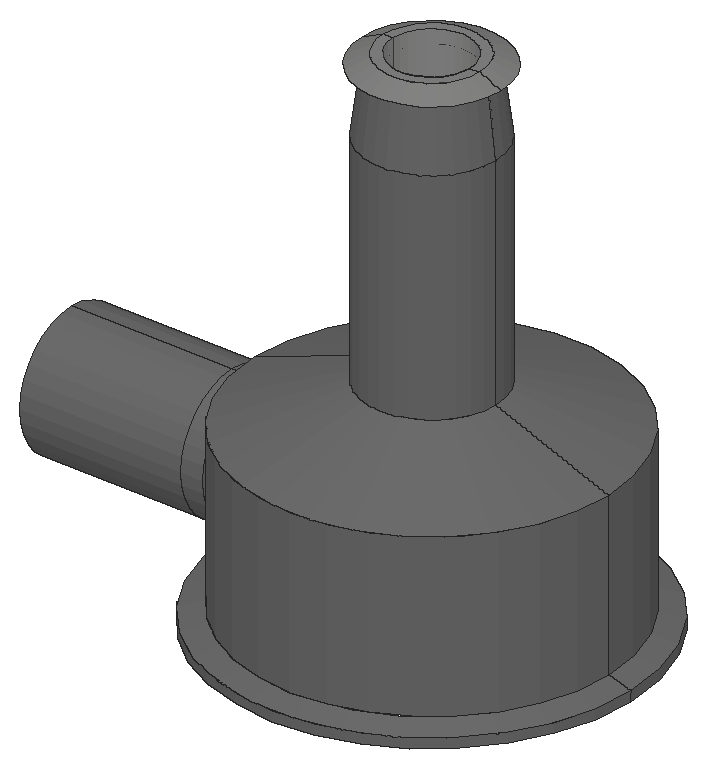
Revit family "Platek_Pico", category Apparecchi per illuminazione, host Superficie, Revit 2017 (continued)
Parameters (values of type "8495011_1,4W_LED_3000K_Full Inox")
    7 0.17 0.14 0.13 0.11 0.10 0.10 0.09 0.07 0.05 \r\n0.03 0.02 0.04 0.05 0.06 0.04 0.03 0.01 0.01 0.01 0.01 \r\n0.00 \r\n662.15 655.50 633.65 606.10 564.30 525.35 474.05 424.65 \r\n371.45 325.85 278.35 235.60 196.65 165.30 136.80 112.10 \r\n89.49 71.06 56.91 45.88 37.05 29.83 24.70 20.80 18.05 \r\n15.68 13.68 11.78 9.97 8.36 7.04 5.84 4.71 3.49 2.54 1.69 \r\n1.26 0.95 0.84 0.81 0.83 0.87 0.88 0.92 0.95 1.00 1.08 \r\n1.18 1.24 1.25 1.23 1.21 1.17 1.08 0.95 0.86 0.81 0.82 \r\n0.75 0.73 0.68 0.70 0.62 0.56 0.46 0.42 0.36 0.28 0.22 \r\n0.18 0.19 0.16 0.14 0.12 0.12 0.11 0.10 0.09 0.06 0.05 \r\n0.04 0.05 0.06 0.06 0.04 0.03 0.01 0.01 0.00 0.00 0.00 \r\n662.15 655.50 635.55 608.00 570.00 530.10 481.65 430.35 \r\n376.20 327.75 279.30 236.55 197.60 164.35 135.85 110.20 \r\n87.59 69.73 56.05 44.94 35.72 28.31 23.09 19.19 16.82 \r\n14.72 12.92 11.02 9.30 7.86 6.63 5.50 4.46 3.42 2.67 1.98 \r\n1.59 1.22 1.04 0.96 0.96 0.97 0.99 0.99 1.01 1.02 1.09 \r\n1.17 1.24 1.25 1.22 1.19 1.16 1.13 1.04 0.93 0.81 0.78 \r\n0.68 0.65 0.58 0.57 0.50 0.45 0.41 0.40 0.36 0.29 0.23 \r\n0.19 0.20 0.18 0.17 0.15 0.13 0.12 0.10 0.09 0.07 0.07 \r\n0.06 0.07 0.06 0.06 0.04 0.03 0.01 0.00 0.00 0.00 0.00 \r\n662.15 649.80 632.70 608.00 575.70 532.95 484.50 431.30 \r\n377.15 326.80 279.30 236.55 197.60 163.40 133.95 108.30 \r\n86.92 69.45 55.86 44.17 34.87 27.27 22.14 18.43 16.15 \r\n14.06 12.16 10.26 8.77 7.55 6.39 5.27 4.30 3.49 2.93 2.40 \r\n2.02 1.60 1.30 1.11 1.04 1.00 1.02 1.02 1.05 1.08 1.19 \r\n1.27 1.31 1.31 1.24 1.16 1.10 1.11 1.07 0.98 0.81 0.74 \r\n0.64 0.60 0.52 0.47 0.40 0.36 0.36 0.38 0.36 0.31 0.25 \r\n0.22 0.21 0.19 0.16 0.13 0.11 0.10 0.09 0.08 0.08 0.08 \r\n0.07 0.06 0.05 0.05 0.04 0.03 0.02 0.01 0.00 0.00 0.00 \r\n662.15 647.90 632.70 608.00 574.75 530.10 483.55 432.25 \r\n380.00 328.70 281.20 238.45 198.55 164.35 133.95 108.30 \r\n87.50 69.54 55.48 43.32 34.10 26.98 22.04 18.43 15.87 \r\n13.68 11.69 10.07 8.70 7.63 6.48 5.33 4.34 3.56 3.08 2.68 \r\n2.32 1.86 1.49 1.29 1.21 1.16 1.13 1.08 1.08 1.11 1.21 \r\n1.30 1.34 1.33 1.23 1.09 1.01 1.04 1.05 1.00 0.82 0.72 \r\n0.63 0.62 0.53 0.46 0.35 0.32 0.33 0.37 0.37 0.33 0.26 \r\n0.21 0.18 0.17 0.14 0.12 0.10 0.09 0.07 0.07 0.07 0.07 \r\n0.06 0.04 0.04 0.04 0.04 0.03 0.02 0.01 0.01 0.01 0.00 \r\n662.15 651.70 637.45 610.85 574.75 528.20 482.60 433.20 \r\n380.95 328.70 279.30 237.50 197.60 163.40 133.95 109.25 \r\n88.06 69.45 55.01 43.13 34.30 27.46 22.52 18.91 15.96 \r\n13.59 11.50 9.97 8.80 7.77 6.61 5.35 4.34 3.59 3.17 2.84 \r\n2.41 1.93 1.52 1.35 1.31 1.28 1.22 1.15 1.11 1.15 1.24 \r\n1.39 1.42 1.39 1.24 1.12 1.02 1.03 1.03 1.00 0.83 0.73 \r\n0.63 0.64 0.56 0.49 0.36 0.30 0.30 0.34 0.35 0.31 0.25 \r\n0.20 0.16 0.13 0.11 0.09 0.07 0.06 0.05 0.05 0.05 0.05 \r\n0.04 0.02 0.02 0.03 0.03 0.02 0.02 0.01 0.01 0.01 0.00 \r\n662.15 662.15 648.85 615.60 571.90 525.35 481.65 434.15 \r\n382.85 330.60 279.30 237.50 197.60 164.35 134.90 110.20 \r\n88.25 69.54 54.63 43.04 34.30 27.74 22.71 19.09 15.96 \r\n13.68 11.59 10.17 8.89 7.75 6.55 5.27 4.31 3.56 3.15 2.80 \r\n2.30 1.77 1.40 1.37 1.43 1.42 1.30 1.19 1.09 1.09 1.16 \r\n1.32 1.39 1.40 1.28 1.20 1.11 1.10 1.04 0.98 0.82 0.76 \r\n0.67 0.67 0.58 0.50 0.36 0.30 0.28 0.31 0.31 0.28 0.23 \r\n0.17 0.13 0.10 0.08 0.08 0.07 0.06 0.05 0.05 0.04 0.03 \r\n0.03 0.02 0.02 0.02 0.02 0.01 0.01 0.01 0.01 0.01 0.00 \r\n662.15 670.70 658.35 621.30 573.80 525.35 480.70 434.15 \r\n382.85 330.60 279.30 236.55 195.70 163.40 134.90 110.20 \r\n88.64 70.20 55.20 43.41 34.39 27.74 22.61 19.09 15.96 \r\n13.68 11.59 10.07 8.72 7.49 6.32 5.05 4.16 3.52 3.19 2.84 \r\n2.29 1.76 1.41 1.39 1.44 1.43 1.31 1.22 1.16 1.17 1.18 \r\n1.30 1.36 1.40 1.31 1.26 1.18 1.13 1.02 0.94 0.84 0.81 \r\n0.75 0.70 0.59 0.49 0.37 0.31 0.28 0.28 0.28 0.25 0.22 \r\n0.19 0.15 0.11 0.07 0.06 0.06 0.07 0.06 0.06 0.04 0.03 \r\n0.03 0.02 0.02 0.02 0.01 0.01 0.00 0.00 0.00 0.00 0.00 \r\n662.15 670.70 659.30 623.20 575.70 525.35 476.90 430.35 \r\n381.90 333.45 284.05 238.45 197.60 164.35 134.90 111.15 \r\n90.82 72.58 56.52 43.89 34.30 27.74 22.61 19.19 16.25 \r\n13.96 11.78 9.97 8.59 7.44 6.38 5.23 4.30 3.67 3.23 2.83 \r\n2.29 1.79 1.46 1.42 1.43 1.40 1.29 1.22 1.20 1.19 1.17 \r\n1.23 1.28 1.33 1.27 1.22 1.16 1.12 1.03 0.90 0.83 0.81 \r\n0.81 0.74 0.64 0.51 0.42 0.36 0.32 0.29 0.26 0.24 0.21 \r\n0.18 0.14 0.11 0.08 0.08 0.09 0.10 0.09 0.08 0.06 0.04 \r\n0.03 0.03 0.04 0.04 0.03 0.02 0.00 0.00 0.00 0.00 0.00 \r\n662.15 664.05 652.65 622.25 578.55 527.25 475.95 428.45 \r\n383.80 337.25 288.80 242.25 201.40 165.30 136.80 113.05 \r\n93.95 75.34 58.23 44.27 34.30 27.46 22.52 19.09 16.25 \r\n14.06 11.97 10.17 8.76 7.61 6.53 5.46 4.51 3.92 3.38 2.94 \r\n2.40 1.96 1.60 1.45 1.39 1.31 1.26 1.23 1.27 1.26 1.22 \r\n1.21 1.22 1.25 1.20 1.12 1.04 1.01 0.94 0.84 0.79 0.76 \r\n0.79 0.74 0.67 0.55 0.45 0.38 0.33 0.29 0.27 0.24 0.20 \r\n0.17 0.14 0.14 0.11 0.12 0.12 0.12 0.10 0.08 0.05 0.03 \r\n0.02 0.03 0.04 0.05 0.04 0.02 0.01 0.01 0.01 0.00 0.00 \r\n662.15 658.35 646.95 623.20 584.25 532.95 479.75 429.40 \r\n385.70 341.05 294.50 247.00 205.20 168.15 139.65 115.90 \r\n96.90 77.33 59.09 44.46 34.20 27.36 22.32 18.71 16.05 \r\n14.06 12.16 10.45 9.14 7.95 6.84 5.84 4.90 4.23 3.52 2.95 \r\n2.39 1.95 1.59 1.40 1.31 1.24 1.23 1.18 1.22 1.18 1.17 \r\n1.17 1.17 1.21 1.14 1.08 1.00 0.95 0.91 0.83 0.77 0.71 \r\n0.73 0.69 0.67 0.55 0.46 0.37 0.33 0.30 0.26 0.23 0.19 \r\n0.16 0.13 0.13 0.12 0.14 0.13 0.12 0.09 0.07 0.05 0.03 \r\n0.03 0.03 0.05 0.06 0.04 0.03 0.01 0.01 0.01 0.00 0.00 \r\n662.15 657.40 646.95 626.05 589.95 541.50 486.40 434.15 \r\n388.55 342.00 295.45 249.85 209.95 173.85 143.45 117.80 \r\n96.90 77.14 59.47 44.74 34.30 26.98 21.85 18.14 15.58 \r\n13.78 12.26 10.73 9.38 8.00 6.80 5.82 5.02 4.35 3.64 2.99 \r\n2.40 1.92 1.58 1.37 1.28 1.21 1.20 1.15 1.17 1.13 1.12 \r\n1.14 1.13 1.21 1.20 1.17 1.04 0.97 0.91 0.86 0.80 0.69 \r\n0.64 0.60 0.59 0.51 0.42 0.32 0.29 0.26 0.23 0.21 0.17 \r\n0.16 0.12 0.12 0.10 0.11 0.09 0.08 0.07 0.06 0.05 0.04 \r\n0.03 0.03 0.04 0.04 0.03 0.02 0.01 0.01 0.01 0.00 0.00 \r\n662.15 658.35 646.95 626.05 592.80 547.20 492.10 438.90 \r\n389.50 342.00 295.45 251.75 212.80 176.70 146.30 118.75 \r\n95.95 75.91 58.90 45.13 34.67 27.07 21.66 18.05 15.39 \r\n13.49 11.97 10.45 9.20 7.95 6.90 5.91 5.15 4.38 3.66 2.88 \r\n2.27 1.75 1.47 1.29 1.22 1.17 1.17 1.15 1.11 1.10 1.10 \r\n1.15 1.16 1.24 1.28 1.29 1.17 1.07 1.00 0.96 0.88 0.74 \r\n0.60 0.52 0.50 0.46 0.40 0.31 0.27 0.23 0.21 0.20 0.18 \r\n0.15 0.11 0.08 0.07 0.07 0.06 0.05 0.05 0.05 0.05 0.05 \r\n0.04 0.03 0.03 0.02 0.01 0.01 0.00 0.00 0.00 0.00 0.00 \r\n662.15 654.55 642.20 623.20 592.80 548.15 494.00 440.80 \r\n390.45 343.90 297.35 254.60 216.60 180.50 147.25 118.75 \r\n94.05 74.39 58.23 45.41 34.96 27.36 21.75 18.14 15.48 \r\n13.49 11.59 10.07 8.94 7.96 6.96 5.94 5.11 4.35 3.70 2.85 \r\n2.19 1.64 1.47 1.33 1.22 1.10 1.07 1.10 1.07 1.09 1.08 \r\n1.15 1.17 1.30 1.39 1.43 1.28 1.15 1.04 0.99 0.89 0.75 \r\n0.58 0.48 0.43 0.40 0.34 0.26 0.21 0.19 0.18 0.17 0.16 \r\n0.13 0.10 0.07 0.06 0.05 0.04 0.03 0.03 0.04 0.04 0.04 \r\n0.04 0.02 0.02 0.00 0.00 0.00 0.00 0.00 0.00 0.00 0.00 \r\n662.15 652.65 641.25 623.20 590.90 547.20 493.05 442.70 \r\n393.30 346.75 299.25 256.50 216.60 179.55 146.30 117.80 \r\n93.20 73.63 57.57 45.22 35.24 27.93 22.42 18.62 15.96 \r\n13.68 11.59 9.97 8.90 8.16 7.28 6.17 5.21 4.37 3.69 2.78 \r\n2.09 1.57 1.45 1.32 1.16 1.03 0.99 1.07 1.06 1.11 1.11 \r\n1.19 1.22 1.34 1.43 1.47 1.32 1.16 1.01 0.98 0.88 0.79 \r\n0.61 0.50 0.41 0.38 0.33 0.27 0.22 0.20 0.22 0.21 0.18 \r\n0.13 0.10 0.07 0.06 0.05 0.04 0.03 0.03 0.02 0.03 0.03 \r\n0.03 0.02 0.01 0.00 0.00 0.00 0.00 0.00 0.00 0.00 0.00 \r\n"
  Mounting Type = "In-ground recessed/Ceiling Concrete Recessed/Wall Recessed"
  Modello = "Pico Full Inox"  # constant formula
  built-in parameter 1150137 = (empty or 0)
  built-in parameter 1150132 = 2
  Manufacturer Comment = "Full Inox/Drive Over/Walk Over"
  Luminaire Wattage = 1.4 W
  Luminaire Luminous Intensity = 670 cd
  Luminaire Luminous Flux = 85 lm
  Light Source = PLK_Light Source
  Lampada = "LED"
  LED Protection = "Surge Protection Included"
  built-in parameter 1150105 = 600.1 (stored number, unit not read)
  built-in parameter 1150102 = (empty or 0)
  Insulation Class = "3"
  Immagine tipo = pico.jpg
  built-in parameter 1150106 = 6.001 (stored number, unit not read)
  IP Rating = "IP68 Full dry (2m)"
  IK Rating = "IK07"
  Lumens = 85 lm
  Color Filter = 16777215
  File diagramma fotometrico = "8495011.IES"
  built-in parameter 1114217 = 1 (stored number, unit not read)
  built-in parameter 1150139 = (empty or 0)
  Energy Efficiency Rating = "A/A+/A++"
  Emetti da diametro cerchio = 13 mm  # constant formula
  built-in parameter 1150104 = 13.8 (stored number, unit not read)
  built-in parameter 1150115 = 1 (stored number, unit not read)
  built-in parameter 1150114 = 1 (stored number, unit not read)
  built-in parameter 1150113 = 1 (stored number, unit not read)
  Dimmable = "NO"
  Diffuse Type = "2mm flat tempered extra clear gass 500Kg"
  Descrizione = "Outdoor Lighting, Ground/Floor Recessed"
  Current = 0 A
  Commenti sul tipo = "Pedestrian areas, Facades, Columns, Trees"
  Colour Temperature = 3000 K
  built-in parameter 1150134 = (empty or 0)
  built-in parameter 1150138 = (empty or 0)
  Codice assieme = "8495011 (Full Inox)+8945040+8956109 or 8956091 or 8956103"
  Cable Lenght = "0.5m (2X0,5mm^2)"
  CRI = ">80"
  Body = PLK_Inox
  Beam Angle = 20.00°
  Tilt Angle = -90.00°
  built-in parameter 1150133 = 10 (stored number, unit not read)
Reference planes
  plane 1 "Centro (Fronte/Retro)": y = 0
  plane 2: z = 0
  plane 3 "Centro (Sinistra/Destra)": x = 0
  plane 4: y = 31
  plane 5: y = -31
  plane 6: z = -10
  plane 7: z = -44
  plane 8: z = -50.5
  plane 9: z = -78
  plane 10: x = -10
  plane 11: x = 10
  plane 12: x = -31
  plane 13: x = 31
  plane 14: x = -8.65
  plane 15: x = 8.65
  plane 16: x = -7.5
  plane 17: x = 7.5
  plane 18: x = -27.5
  plane 19: x = 27.5
  plane 20: z = -73.5
  plane 21: z = -75.5
  plane 22: z = -76.5
  plane 23: z = -53.428
  plane 24: z = -56.928
  plane 25: z = -63.464
  plane 26: x = -56
  plane 27: x = -24.602
  plane 28: x = -10.75
  plane 29: x = 10.75
  plane 30: x = -6
  plane 31: x = 6
  plane 32: z = 1.45
  plane 33: z = -0.55
  plane 34: z = -41.8
Forms (mm)
  Revolve 1, solid, material "PLK_Plastic_Black" <- "Plastic"
    sketch origin (0, 0, 0) x (1, 0, 0) y (0, 0, 1)
      loop
        line (0, -75.5) -> (27.5, -75.5) -> (27.5, -50.5) -> (10, -44) -> (10, -10) -> (8.65, 0) -> (0, 0) -> (0, -75.5)
      axis (0, 0) -> (0, -75.5)
    angle from 0 to 360
  Revolve 2, void
    sketch origin (0, 0, 0) x (1, 0, 0) y (0, 0, 1)
      loop
        line (0, 0) -> (-7.5, 0) -> (-7.5, -44) -> (-7.5, -46.044) -> (-19.897, -50.5) -> (-24.602, -52.191) -> (-24.602, -73.428) -> (0, -73.428) -> (0, 0)
      axis (0, 0) -> (0, -73.428)
    angle from 0 to 360
  Revolve 3, solid, material "PLK_Plastic_Black" <- "Plastic"
    sketch origin (0, 0, 0) x (1, 0, 0) y (0, 0, 1)
      loop
        line (0, -75.5) -> (-27.5, -75.5) -> (-31, -76.5) -> (-31, -78) -> (0, -78) -> (0, -75.5)
      axis (0, -75.5) -> (0, -78)
    angle from 0 to 360
  Revolve 4, solid, material "PLK_Plastic_Black" <- "Plastic"
    sketch origin (0, 0, 0) x (1, 0, 0) y (0, 0, 1)
      loop
        line (-31, -53.428) -> (-56, -53.428) -> (-56, -56.928) -> (-27.5, -56.928) -> (-27.5, -53.428) -> (-31, -53.428)
      axis (-56, -63.464) -> (-27.5, -63.464)
    angle from 0 to 360
  Extrusion 5, void
    sketch origin (0, 0, 0) x (0, 1, 0) y (0, 0, 1)
      loop
        circle (0, -63.464) r 6.536
    from -56 to -23.276
  Revolve 6, solid, material "PLK_Inox" <- "Body", detail levels fine
    sketch origin (0, 0, 0) x (1, 0, 0) y (0, 0, 1)
      loop
        line (0, 1.45) -> (0, -41.8) -> (5, -41.8) -> (5, -38.8) -> (7.25, -38.8) -> (7.25, 0) -> (10.75, 0) -> (7.5, 1.45) -> (0, 1.45)
      axis (0, 1.45) -> (0, -41.8)
    angle from 0 to 360
  Revolve 7, void, detail levels fine
    sketch origin (0, 0, 0) x (1, 0, 0) y (0, 0, 1)
      loop
        line (0, 1.45) -> (0, -40.725) -> (3.689, -40.725) -> (3.689, -37.347) -> (6, -37.347) -> (6, -35) -> (6, 1.45) -> (0, 1.45)
      axis (0, 1.45) -> (0, -40.725)
    angle from 0 to 360
  Extrusion 8, solid, material "PLK_Light Source" <- "Light Source", detail levels fine
    sketch origin (0, 0, 0) x (1, 0, 0) y (0, 1, 0)
      loop
        circle (0, 0) r 6
    from -0.55 to 1.45
  Revolve 9, solid, material "PLK_Inox" <- "Body", detail levels medium
    sketch origin (0, 0, 0) x (1, 0, 0) y (0, 0, 1)
      loop
        line (0, 1.45) -> (0, -41.8) -> (5, -41.8) -> (5, -38.8) -> (7.25, -38.8) -> (7.25, 0) -> (10.75, 0) -> (7.5, 1.45) -> (0, 1.45)
      axis (0, 1.45) -> (0, -41.8)
    angle from 0 to 360
  Extrusion 10, solid, material "PLK_Inox" <- "Body", detail levels coarse
    sketch origin (0, 0, 0) x (1, 0, 0) y (0, 1, 0)
      loop
        circle (0, 0) r 7.5
    from -41.8 to 0
  Extrusion 11, solid, material "PLK_Inox" <- "Body", detail levels coarse
    sketch origin (0, 0, 0) x (1, 0, 0) y (0, 1, 0)
      loop
        circle (0, 0) r 10.75
    from 0 to 1.45
Cuts and joins
  Revolve 2, Extrusion 5 cuts Revolve 1
  joined: Revolve 1, Revolve 4
  Revolve 7 cuts Revolve 6
Dimensions and locks
  level to plane 6 to plane 7 to plane 8 to plane 9 = 10 mm locked, 34 mm locked, 6.5 mm locked, 27.5 mm locked
  equal spacing: plane 11, plane 3 "Centro (Sinistra/Destra)", plane 10
  equal spacing: plane 15, plane 3 "Centro (Sinistra/Destra)", plane 14
  equal spacing: plane 17, plane 3 "Centro (Sinistra/Destra)", plane 16
  plane 13 to plane 12 = 62 mm
  locked: plane 18 to plane 26 at 28.5
  locked: plane 19 to plane 18 at 55
  locked: plane 17 to plane 16 at 15
  locked: plane 23 to plane 20 at 20.072
  locked: plane 11 to plane 10 at 20
  plane 29 to plane 3 "Centro (Sinistra/Destra)" to plane 28 = 10.75 mm locked, 10.75 mm locked
  imposter light to plane 33 = 2 mm
  radius of Extrusion 5 sketch curve = 6.536 mm
  radius of Extrusion 8 sketch curve = 6 mm
  aligned and locked: plane 2 to host face
  aligned and locked: level to host face
  aligned and locked: Revolve 1 sketch curve to plane 3 "Centro (Sinistra/Destra)"
  aligned and locked: Revolve 2 sketch curve to plane 3 "Centro (Sinistra/Destra)"
  aligned and locked: cut or joined group of Revolve 1, Revolve 2, Revolve 4, Extrusion 5 to plane 21
  aligned and locked: Revolve 3 sketch curve to plane 3 "Centro (Sinistra/Destra)"
  aligned and locked: plane 26 to Revolve 4 sketch curve
  aligned and locked: Revolve 4 sketch curve to plane 25
  aligned and locked: Revolve 6 sketch curve to plane 3 "Centro (Sinistra/Destra)"
  aligned and locked: Revolve 7 sketch curve to plane 3 "Centro (Sinistra/Destra)"
  aligned and locked: Revolve 9 sketch curve to plane 3 "Centro (Sinistra/Destra)"
  aligned and locked: plane 3 "Centro (Sinistra/Destra)" to imposter light
  aligned and locked: imposter light to plane 1 "Centro (Fronte/Retro)"
  aligned and locked: imposter light to plane 32
  aligned and locked: Extrusion 8 to plane 33
  aligned and locked: plane 34 to cut or joined group of Revolve 6, Revolve 7
  aligned and locked: plane 34 to Revolve 9
  aligned and locked: Extrusion 10 to plane 34
  aligned and locked: level to Extrusion 10
  aligned and locked: Extrusion 11 to level
  aligned and locked: plane 32 to Extrusion 11
  aligned and locked: Revolve 3 to plane 9
  aligned and locked: plane 21 to Revolve 3
  aligned and locked: imposter light to Revolve 9
  aligned and locked: level to Revolve 9
  aligned and locked: imposter light to Extrusion 8
Automatic sketch dimensions
  host sketch curve to host sketch curve = 2438.4 mm  (x2)
  Revolve 1 sketch curve to plane 3 "Centro (Sinistra/Destra)" = 0 mm
  Revolve 1 sketch curve to level = 0 mm
  Revolve 1 sketch curve to plane 15 = 0 mm
  Revolve 1 sketch curve to plane 7 = 0 mm
  Revolve 1 sketch curve to plane 11 = 0 mm
  plane 9 to Revolve 1 sketch curve = 2.5 mm
  Revolve 1 sketch curve to plane 19 = 0 mm
  Revolve 1 sketch curve to plane 8 = 0 mm
  Revolve 1 sketch curve to plane 6 = 0 mm
  Revolve 1 sketch curve to plane 9 = 47 mm
  Revolve 1 sketch curve to Revolve 1 sketch curve = 55 mm
  Revolve 2 sketch curve to plane 8 = 0 mm
  Revolve 2 sketch curve to plane 7 = 0 mm
  Revolve 2 sketch curve to plane 16 = 0 mm
  Revolve 2 sketch curve to level = 0 mm
  Revolve 2 sketch curve to plane 3 "Centro (Sinistra/Destra)" = 0 mm
  plane 18 to Revolve 2 sketch curve = 7.603 mm
  plane 18 to Revolve 2 sketch curve = 2.898 mm
  Revolve 2 sketch curve to plane 8 = 1.691 mm
  plane 9 to Revolve 2 sketch curve = 4.572 mm
  Revolve 2 sketch curve to plane 7 = 2.044 mm
  Revolve 2 sketch curve to plane 9 = 12.903 mm
  Revolve 2 sketch curve to Revolve 2 sketch curve = 5 mm
  plane 9 to Revolve 3 sketch curve = 0 mm
  Revolve 3 sketch curve to plane 12 = 0 mm
  plane 18 to Revolve 3 sketch curve = 0 mm
  Revolve 3 sketch curve to plane 3 "Centro (Sinistra/Destra)" = 0 mm
  Revolve 3 sketch curve to plane 22 = 0 mm
  Revolve 3 sketch curve to plane 21 = 0 mm
  Revolve 3 sketch curve to plane 9 = 14.199 mm
  plane 7 to Revolve 3 sketch curve = 3.5 mm
  Revolve 4 sketch curve to plane 23 = 0 mm
  Revolve 4 sketch curve to plane 26 = 0 mm
  Revolve 4 sketch curve to plane 12 = 0 mm
  Revolve 4 sketch curve to plane 18 = 0 mm
  Revolve 4 sketch curve to plane 24 = 0 mm
  Revolve 4 sketch curve to plane 10 = 2.538 mm
  Extrusion 5 sketch curve to plane 1 "Centro (Fronte/Retro)" = 0 mm
  Extrusion 5 sketch curve to plane 25 = 0 mm
  Revolve 6 sketch curve to plane 3 "Centro (Sinistra/Destra)" = 0 mm
  Revolve 6 sketch curve to level = 0 mm
  Revolve 6 sketch curve to plane 17 = 0 mm
  Revolve 6 sketch curve to plane 29 = 0 mm
  Revolve 6 sketch curve to plane 25 = 0 mm
  Revolve 6 sketch curve to plane 31 = 1 mm
  Revolve 6 sketch curve to plane 17 = 0.25 mm
  plane 7 to Revolve 6 sketch curve = 2.2 mm
  Revolve 6 sketch curve to Revolve 6 sketch curve = 3 mm
  level to Revolve 6 sketch curve = 1.45 mm
  Revolve 6 sketch curve to Revolve 6 sketch curve = 3.346 mm
  Revolve 7 sketch curve to plane 3 "Centro (Sinistra/Destra)" = 0 mm
  Revolve 7 sketch curve to plane 31 = 0 mm
  Revolve 7 sketch curve to plane 31 = 2.311 mm
  plane 7 to Revolve 7 sketch curve = 3.275 mm
  Revolve 7 sketch curve to Revolve 7 sketch curve = 3.378 mm
  Revolve 7 sketch curve to Revolve 7 sketch curve = 2.347 mm
  level to Revolve 7 sketch curve = 1.45 mm
  plane 8 to Revolve 7 sketch curve = 2.265 mm
  Revolve 7 sketch curve to Revolve 7 sketch curve = 2.62 mm
  plane 1 "Centro (Fronte/Retro)" to Extrusion 8 sketch curve = 0 mm
  Extrusion 8 sketch curve to plane 3 "Centro (Sinistra/Destra)" = 0 mm
  Revolve 9 sketch curve to plane 3 "Centro (Sinistra/Destra)" = 0 mm
  Revolve 9 sketch curve to level = 0 mm
  Revolve 9 sketch curve to plane 17 = 0 mm
  plane 29 to Revolve 9 sketch curve = 0 mm
  plane 32 to Revolve 9 sketch curve = 0 mm
  Revolve 9 sketch curve to plane 31 = 1 mm
  Revolve 9 sketch curve to plane 17 = 0.25 mm
  plane 7 to Revolve 9 sketch curve = 5.2 mm
  plane 7 to Revolve 9 sketch curve = 2.2 mm
  Revolve 9 sketch curve to plane 7 = 3.049 mm
  plane 32 to Revolve 9 sketch curve = 2.616 mm
  plane 1 "Centro (Fronte/Retro)" to Extrusion 10 sketch curve = 0 mm
  Extrusion 10 sketch curve to plane 3 "Centro (Sinistra/Destra)" = 0 mm
  plane 1 "Centro (Fronte/Retro)" to Extrusion 11 sketch curve = 0 mm
  Extrusion 11 sketch curve to plane 3 "Centro (Sinistra/Destra)" = 0 mm
  radius of Extrusion 10 sketch curve = 7.5 mm
  radius of Extrusion 11 sketch curve = 10.75 mm
Connectors
  electrical at (0, 0, -41.8)
    settings: on Extrusion 10, index 1, voltage 0 V, apparent load 0 VA, apparent load phase1 0 VA, apparent load phase2 0 VA, apparent load phase3 0 VA, power factor 1, load classification "Altro", number of poles 1, system type 31, power factor state 1, is connector primary yes, connector utility no, sub classification motor no, connector description ""
